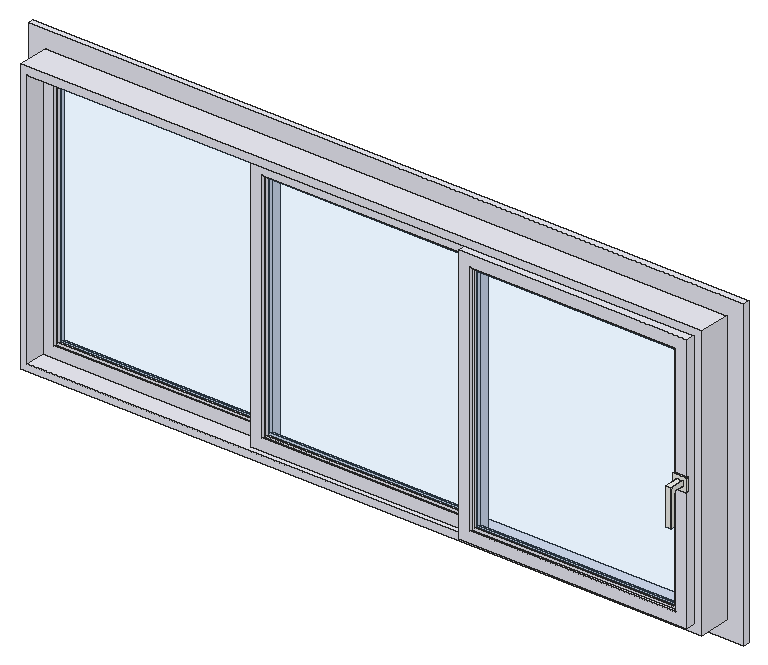
Revit family
Parameters (values of type "Janela de 3fls 300x120")
  Vidro Janela = Vidro
  Montante Batente = 3 cm
  M Moldura Janela = yes
  M Alisar Janela1 = Alisar Janela
  Largura util = Width - Montante Batente * 2  # 294 cm
  Largura folha = Largura util / 3 + 2.5 cm  # 100.5 cm
  Guia puxador = Largura folha - 2.5 cm  # 98 cm
  Guia Janela = Largura folha - 4 cm - Abertura Janela / 3  # 96.5 cm
  GUia eixo janela = 4 cm
  Estrutura Janela = Janelas de correr
  Height = 120 cm
  Altura-padrão do peitoril = 90 cm
  ProjeçãoApara = 2.5 cm
  Wall Closure = (empty or 0)
  Width = 300 cm
  Abertura Janela = 0 cm
Types (5, lengths in cm): name | Largura util | Largura folha | Guia puxador | Guia Janela | Width | Abertura Janela
  (no name) | 294 | 100.5 | 98 | 96.5 | 300 | 0
  Janela de 3fls 200x120 | 194 | 67.1667 | 64.6667 | 63.1667 | 200 | 0
  Janela de 3fls 200x120 aberta | 194 | 67.1667 | 64.6667 | 3.1667 | 200 | 180
  Janela de 3fls 300x120 aberta | 294 | 100.5 | 98 | 3.1667 | 300 | 280
  Janela de 3fls 300x120 | 294 | 100.5 | 98 | 96.5 | 300 | 0
Reference planes (cm)
  plane 1 "Centro (Frente/Trás)": y = 0
  plane 2 "Centro (Esquerda/Direita)": x = 0
  plane 3 "Esquerda": x = -150
  plane 4 "Direita": x = 150
  plane 5 "Peitoril": z = 90
  plane 6 "Extremidade superior": z = 210
  plane 7 "Exterior": y = 7
  plane 8 "Interior": y = -7
  plane 9: z = 93
  plane 10: z = 207
Forms (cm)
  Extrusion 1, solid, material "Alisar Janela" <- "M Alisar Janela1", visible <- "M Moldura Janela"
    sketch origin (350, 7, 0) x (-1, 0, 0) y (0, 0, 1)
      loop
        line (200, 210) -> (200, 90) -> (500, 90) -> (500, 210) -> (200, 210)
      loop
        line (192.5, 217.5) -> (192.5, 82.5) -> (507.5, 82.5) -> (507.5, 217.5) -> (192.5, 217.5)
    from 0 to 2.5
  Extrusion 2, solid, material "Janelas de correr" <- "Estrutura Janela"
    sketch origin (0, -7, 0) x (1, 0, 0) y (0, 0, 1)
      loop
        line (-150, 210) -> (-150, 90) -> (150, 90) -> (150, 210) -> (-150, 210)
      loop
        line (-147, 207) -> (-147, 93) -> (147, 93) -> (147, 207) -> (-147, 207)
    from -14 to 0
  Sweep 3, solid, material "Janelas de correr" <- "Estrutura Janela"
    path origin (-170.82, 4, 0) x (1, 0, 0) y (0, 0, 1)
      loop
        line (23.82, 207) -> (23.82, 93) -> (124.32, 93) -> (124.32, 207) -> (23.82, 207)
    profile "Perfil folha : Perfil 4x5 com baguete" origin (-96.75, 4, 207) x (0, 0, 1) y (0, -1, 0)
      loop
        line (0, 2.5) -> (-5, 2.5) -> (-5, 1.5) -> (-6, 1.5) -> (-6, 0.5) -> (-5, 0.5) -> (-5, -0.5) -> (-6, -0.5) -> (-6, -1.5) -> (-5, -1.5) -> (-5, -2.5) -> (0, -2.5) -> (0, 2.5)
  Extrusion 4, solid, material "Vidro" <- "Vidro Janela"
    sketch origin (0, 7, 0) x (1, 0, 0) y (0, 0, 1)
      loop
        line (-51.5, 202) -> (-142, 202) -> (-142, 98) -> (-51.5, 98) -> (-51.5, 202)
    from 2.5 to 3.5
  Sweep 5, solid, material "Janelas de correr" <- "Estrutura Janela"
    path origin (-118.82, -2, 0) x (1, 0, 0) y (0, 0, 1)
      loop
        line (68.32, 207) -> (68.32, 93) -> (168.82, 93) -> (168.82, 207) -> (68.32, 207)
    profile "Perfil folha : Perfil 4x5 com baguete" origin (-0.25, -2, 207) x (0, 0, 1) y (0, -1, 0)
      loop
        line (0, 2.5) -> (-5, 2.5) -> (-5, 1.5) -> (-6, 1.5) -> (-6, 0.5) -> (-5, 0.5) -> (-5, -0.5) -> (-6, -0.5) -> (-6, -1.5) -> (-5, -1.5) -> (-5, -2.5) -> (0, -2.5) -> (0, 2.5)
  Extrusion 6, solid, material "Vidro" <- "Vidro Janela"
    sketch origin (0, -10, 0) x (1, 0, 0) y (0, 0, 1)
      loop
        line (45, 202) -> (-45.5, 202) -> (-45.5, 98) -> (45, 98) -> (45, 202)
    from -8.5 to -7.5
  Sweep 7, solid, material "Janelas de correr" <- "Estrutura Janela"
    path origin (277.18, -8, 0) x (-1, 0, 0) y (0, 0, 1)
      loop
        line (231.18, 207) -> (130.68, 207) -> (130.68, 93) -> (231.18, 93) -> (231.18, 207)
    profile "Perfil folha : Perfil 4x5 com baguete" origin (96.25, -8, 207) x (0, 0, -1) y (0, 1, 0)
      loop
        line (0, 2.5) -> (0, -2.5) -> (5, -2.5) -> (5, -1.5) -> (6, -1.5) -> (6, -0.5) -> (5, -0.5) -> (5, 0.5) -> (6, 0.5) -> (6, 1.5) -> (5, 1.5) -> (5, 2.5) -> (0, 2.5)
  Extrusion 8, solid, material "Vidro" <- "Vidro Janela"
    sketch origin (38.4941, -0.6719, 0) x (1, 0, 0) y (0, 0, -1)
      loop
        line (103.0059, -202) -> (103.0059, -98) -> (12.5059, -98) -> (12.5059, -202) -> (103.0059, -202)
    from -7.8281 to -6.8281
Lines and regions (cm)
  Opening 1
    outline origin (350, -7, 0) x (1, 0, 0) y (0, 0, 1)
      loop
        line (-200, 90) -> (-200, 210) -> (-500, 210) -> (-500, 90) -> (-200, 90)
  reference lines
    curve 1: line (-147, -7, 221.2043) -> (-147, -7, 77.2043)
    curve 2: line (147, -7, 221.2043) -> (147, -7, 77.2043)
    curve 3: line (-170.82, 4, 0) -> (277.18, 4, 0)
    curve 4: line (-170.82, -2, 0) -> (277.18, -2, 0)
    curve 5: line (277.18, -8, 0) -> (-170.82, -8, 0)
    curve 6: line (-147, 18.34, 0) -> (-147, -35.66, 0)
    curve 7: line (-50.5, -7, 215.8342) -> (-50.5, -7, 77.2043)
    curve 8: line (46, -7, 215.8342) -> (46, -7, 77.2043)
    curve 9: line (144, -7, 225.8099) -> (144, -7, 71.8099)
    curve 10: line (-41.8256, -7, 150) -> (176.1744, -7, 150)
  symbolic lines
    curve 11: line (146.5, -10.5, 0) -> (146.5, -5.5, 0)
    curve 12: line (141.5, -9.5, 0) -> (141.5, -10.5, 0)
    curve 13: line (141.5, -8.5, 0) -> (141.5, -7.5, 0)
    curve 14: line (141.5, -5.5, 0) -> (141.5, -6.5, 0)
    curve 15: line (140.5, -6.5, 0) -> (140.5, -7.5, 0)
    curve 16: line (140.5, -8.5, 0) -> (140.5, -9.5, 0)
    curve 17: line (51, -9.5, 0) -> (141.5, -9.5, 0)
    curve 18: line (51, -8.5, 0) -> (141.5, -8.5, 0)
    curve 19: line (141.5, -7.5, 0) -> (51, -7.5, 0)
    curve 20: line (141.5, -6.5, 0) -> (51, -6.5, 0)
    curve 21: line (146.5, -5.5, 0) -> (46, -5.5, 0)
    curve 22: line (46, -5.5, 0) -> (46, -10.5, 0)
    curve 23: line (51, -6.5, 0) -> (51, -5.5, 0)
    curve 24: line (51, -7.5, 0) -> (51, -8.5, 0)
    curve 25: line (51, -10.5, 0) -> (51, -9.5, 0)
    curve 26: line (52, -7.5, 0) -> (52, -6.5, 0)
    curve 27: line (52, -9.5, 0) -> (52, -8.5, 0)
    curve 28: line (-50.5, 0.5, 0) -> (-50.5, -4.5, 0)
    curve 29: line (-45.5, -0.5, 0) -> (-45.5, 0.5, 0)
    curve 30: line (-44.5, -1.5, 0) -> (-44.5, -0.5, 0)
    curve 31: line (-45.5, -1.5, 0) -> (-45.5, -2.5, 0)
    curve 32: line (-44.5, -3.5, 0) -> (-44.5, -2.5, 0)
    curve 33: line (-45.5, -4.5, 0) -> (-45.5, -3.5, 0)
    curve 34: line (-50.5, -4.5, 0) -> (50, -4.5, 0)
    curve 35: line (-45.5, -3.5, 0) -> (45, -3.5, 0)
    curve 36: line (-45.5, -2.5, 0) -> (45, -2.5, 0)
    curve 37: line (45, -1.5, 0) -> (-45.5, -1.5, 0)
    curve 38: line (45, -0.5, 0) -> (-45.5, -0.5, 0)
    curve 39: line (50, 0.5, 0) -> (-50.5, 0.5, 0)
    curve 40: line (45, 0.5, 0) -> (45, -0.5, 0)
    curve 41: line (44, -0.5, 0) -> (44, -1.5, 0)
    curve 42: line (45, -2.5, 0) -> (45, -1.5, 0)
    curve 43: line (44, -2.5, 0) -> (44, -3.5, 0)
    curve 44: line (45, -3.5, 0) -> (45, -4.5, 0)
    curve 45: line (50, -4.5, 0) -> (50, 0.5, 0)
    curve 46: line (-46.5, 1.5, 0) -> (-46.5, 6.5, 0)
    curve 47: line (-51.5, 6.5, 0) -> (-51.5, 5.5, 0)
    curve 48: line (-52.5, 5.5, 0) -> (-52.5, 4.5, 0)
    curve 49: line (-51.5, 2.5, 0) -> (-51.5, 1.5, 0)
    curve 50: line (-52.5, 3.5, 0) -> (-52.5, 2.5, 0)
    curve 51: line (-51.5, 3.5, 0) -> (-51.5, 4.5, 0)
    curve 52: line (-51.5, 5.5, 0) -> (-142, 5.5, 0)
    curve 53: line (-51.5, 4.5, 0) -> (-142, 4.5, 0)
    curve 54: line (-142, 3.5, 0) -> (-51.5, 3.5, 0)
    curve 55: line (-142, 2.5, 0) -> (-51.5, 2.5, 0)
    curve 56: line (-142, 5.5, 0) -> (-142, 6.5, 0)
    curve 57: line (-141, 4.5, 0) -> (-141, 5.5, 0)
    curve 58: line (-141, 2.5, 0) -> (-141, 3.5, 0)
    curve 59: line (-142, 4.5, 0) -> (-142, 3.5, 0)
    curve 60: line (-142, 1.5, 0) -> (-142, 2.5, 0)
    curve 61: line (46, -10.5, 0) -> (146.5, -10.5, 0)
    curve 62: line (-147, 1.5, 0) -> (-46.5, 1.5, 0)
    curve 63: line (-46.5, 6.5, 0) -> (-147, 6.5, 0)
    curve 64: line (-147, -7, 0) -> (-147, 7, 0)
    curve 65: line (150, -7, 0) -> (150, 7, 0)
    curve 66: line (147, 7, 0) -> (147, -7, 0)
    curve 67: line (-150, 7, 0) -> (-150, -7, 0)
Text (cm)
  text "EXTERIOR" at (-198.1535, 86.3181, 0), in view "Nível de referência"
  text "INTERIOR" at (-201.7992, -70.7606, 0), in view "Nível de referência"
  text "Exterior" at (0, 92.3751, 294.3296), in view "Direita"
  text "Exterior" at (0, 101.9841, 278.8626), in view "Esquerda"
Dimensions and locks (cm)
  equal spacing: plane 3 "Esquerda", plane 2 "Centro (Esquerda/Direita)", plane 4 "Direita"
  "Width": plane 3 "Esquerda" to plane 4 "Direita"
  "Height": plane 5 "Peitoril" to plane 6 "Extremidade superior"
  "Altura-padrão do peitoril": plane 5 "Peitoril" to level
  "ProjeçãoApara": Extrusion 1 to host wall
  locked: plane 7 "Exterior" to host wall
  locked: plane 8 "Interior" to host wall
  "Montante Batente": plane 9 to plane 5 "Peitoril"
  "Montante Batente": plane 6 "Extremidade superior" to plane 10
  "Montante Batente": plane 3 "Esquerda" to curve 1
  "Montante Batente": curve 2 to plane 4 "Direita"
  "Largura folha": Sweep 3 sketch curve to Extrusion 2
  locked: curve 4 to curve 3 at 6
  "Montante Batente": plane 3 "Esquerda" to curve 6
  "Guia Janela": curve 1 to curve 7
  "Largura folha": Sweep 5 sketch curve to Sweep 5 sketch curve
  "Guia Janela": curve 7 to curve 8
  "Largura folha": Sweep 7 sketch curve to Sweep 7 sketch curve
  locked: curve 4 to curve 5 at 6
  "GUia eixo janela": host wall to curve 3
  "Guia puxador": curve 8 to curve 9
  equal spacing: plane 6 "Extremidade superior", curve 10, plane 5 "Peitoril", locked at 60 each
  aligned and locked: plane 6 "Extremidade superior" to Extrusion 2 sketch curve
  aligned and locked: Extrusion 2 sketch curve to plane 5 "Peitoril"
  aligned and locked: plane 4 "Direita" to Extrusion 2 sketch curve
  aligned and locked: Extrusion 2 sketch curve to plane 3 "Esquerda"
  aligned and locked: Extrusion 2 sketch curve to plane 10
  aligned and locked: curve 2 to Extrusion 2 sketch curve
  aligned and locked: Extrusion 2 sketch curve to curve 1
  aligned and locked: Extrusion 2 sketch curve to plane 9
  aligned and locked: Extrusion 2 to host wall
  aligned and locked: host wall to Extrusion 2
  aligned and locked: Sweep 3 sketch curve to plane 10
  aligned and locked: Sweep 3 sketch curve to curve 1
  aligned and locked: plane 9 to Sweep 3 sketch curve
  aligned and locked: Sweep 3 to Extrusion 4 sketch curve  (x3)
  aligned and locked: Extrusion 4 sketch curve to Sweep 3
  aligned and locked: Extrusion 4 to Sweep 3  (x2)
  aligned and locked: Sweep 5 to Extrusion 6 sketch curve  (x2)
  aligned and locked: Extrusion 6 sketch curve to Sweep 5  (x2)
  aligned and locked: Extrusion 6 to Sweep 5  (x2)
  aligned and locked: Sweep 5 sketch curve to curve 7
  aligned and locked: Sweep 7 to Extrusion 8 sketch curve  (x2)
  aligned and locked: Extrusion 8 sketch curve to Sweep 7  (x2)
  aligned and locked: Sweep 7 to Extrusion 8  (x2)
  aligned and locked: Sweep 7 sketch curve to curve 8
  aligned and locked: Sweep 5 sketch curve to plane 9
  aligned and locked: plane 10 to Sweep 5 sketch curve
  aligned and locked: plane 10 to Sweep 7 sketch curve
  aligned and locked: Sweep 7 sketch curve to plane 9
  aligned and locked: nested 1 to curve 9
  aligned and locked: nested 1 to curve 10
  aligned and locked: Sweep 7 to nested 1
  aligned and locked: curve 11 to Sweep 7
  aligned and locked: curve 12 to Sweep 7
  aligned and locked: curve 13 to Extrusion 8
  aligned and locked: curve 14 to Sweep 7
  aligned and locked: curve 15 to Sweep 7
  aligned and locked: curve 16 to Sweep 7
  aligned and locked: curve 17 to Sweep 7
  aligned and locked: curve 18 to Extrusion 8
  aligned and locked: curve 19 to Extrusion 8
  aligned and locked: curve 20 to Sweep 7
  aligned and locked: curve 21 to Sweep 7
  aligned and locked: curve 22 to Sweep 7
  aligned and locked: curve 23 to Sweep 7
  aligned and locked: curve 24 to Extrusion 8
  aligned and locked: curve 25 to Sweep 7
  aligned and locked: curve 26 to Sweep 7
  aligned and locked: curve 27 to Sweep 7
  aligned and locked: curve 28 to Sweep 5
  aligned and locked: curve 29 to Sweep 5
  aligned and locked: curve 30 to Sweep 5
  aligned and locked: curve 31 to Extrusion 6
  aligned and locked: curve 32 to Sweep 5
  aligned and locked: curve 33 to Sweep 5
  aligned and locked: curve 34 to Sweep 5
  aligned and locked: curve 35 to Sweep 5
  aligned and locked: curve 36 to Extrusion 6
  aligned and locked: curve 37 to Extrusion 6
  aligned and locked: curve 38 to Sweep 5
  aligned and locked: curve 39 to Sweep 5
  aligned and locked: curve 40 to Sweep 5
  aligned and locked: curve 41 to Sweep 5
  aligned and locked: curve 42 to Extrusion 6
  aligned and locked: curve 43 to Sweep 5
  aligned and locked: curve 44 to Sweep 5
  aligned and locked: curve 45 to Sweep 5
  aligned and locked: curve 46 to Sweep 3
  aligned and locked: curve 47 to Sweep 3
  aligned and locked: curve 48 to Sweep 3
  aligned and locked: curve 49 to Sweep 3
  aligned and locked: curve 50 to Sweep 3
  aligned and locked: curve 51 to Extrusion 4
  aligned and locked: curve 52 to Sweep 3
  aligned and locked: curve 53 to Extrusion 4
  aligned and locked: curve 54 to Extrusion 4
  aligned and locked: curve 55 to Sweep 3
  aligned and locked: curve 56 to Sweep 3
  aligned and locked: curve 57 to Sweep 3
  aligned and locked: curve 58 to Sweep 3
  aligned and locked: curve 59 to Extrusion 4
  aligned and locked: curve 60 to Sweep 3
  aligned and locked: curve 61 to Sweep 7
  aligned and locked: curve 62 to Sweep 3
  aligned and locked: curve 63 to Sweep 3
  aligned and locked: curve 64 to Extrusion 2
  aligned and locked: curve 65 to Extrusion 2
  aligned and locked: curve 66 to Extrusion 2
  aligned and locked: curve 67 to Extrusion 2
Automatic sketch dimensions
  plane 3 "Esquerda" to Opening 1 sketch curve = 0 cm
  plane 4 "Direita" to Opening 1 sketch curve = 0 cm
  Opening 1 sketch curve to plane 5 "Peitoril" = 0 cm
  Opening 1 sketch curve to plane 6 "Extremidade superior" = 0 cm
  plane 4 "Direita" to Extrusion 1 sketch curve = 0 cm
  plane 3 "Esquerda" to Extrusion 1 sketch curve = 0 cm
  Extrusion 1 sketch curve to plane 5 "Peitoril" = 0 cm
  Extrusion 1 sketch curve to plane 6 "Extremidade superior" = 0 cm
  Extrusion 1 sketch curve to plane 4 "Direita" = 7.5 cm
  plane 3 "Esquerda" to Extrusion 1 sketch curve = 7.5 cm
  plane 5 "Peitoril" to Extrusion 1 sketch curve = 7.5 cm
  Extrusion 1 sketch curve to plane 6 "Extremidade superior" = 7.5 cm
  plane 3 "Esquerda" to curve 3 = 20.82 cm
  curve 4 to curve 3 = 0 cm
  curve 5 to curve 4 = 0 cm
  curve 5 to plane 4 "Direita" = 127.18 cm
  curve 4 to curve 5 = 0 cm
  curve 3 to curve 4 = 0 cm
  host wall to curve 6 = 28.66 cm
  host wall to curve 6 = 11.34 cm
  curve 10 to plane 2 "Centro (Esquerda/Direita)" = 41.8256 cm
  curve 10 to plane 4 "Direita" = 26.1744 cm
  plane 5 "Peitoril" to curve 9 = 18.1901 cm
  plane 5 "Peitoril" to curve 2 = 12.7957 cm
  plane 5 "Peitoril" to curve 7 = 12.7957 cm
  plane 5 "Peitoril" to curve 8 = 12.7957 cm
  plane 5 "Peitoril" to curve 1 = 12.7957 cm
  curve 7 to plane 6 "Extremidade superior" = 5.8342 cm
  curve 8 to plane 6 "Extremidade superior" = 5.8342 cm
  curve 2 to plane 6 "Extremidade superior" = 11.2043 cm
  curve 1 to plane 6 "Extremidade superior" = 11.2043 cm
  curve 9 to plane 6 "Extremidade superior" = 15.8099 cm
  curve 13 to curve 12 = 0 cm
  curve 12 to curve 13 = 1 cm
  curve 20 to curve 19 = 0 cm
  host wall to curve 26 = 0.5 cm
  curve 30 to curve 29 = 1 cm
  curve 31 to curve 32 = 1 cm
  curve 32 to curve 31 = 1 cm
  curve 38 to curve 37 = 0 cm
  curve 48 to curve 47 = 1 cm
  curve 48 to curve 49 = 1 cm
  curve 50 to curve 48 = 1 cm
  curve 48 to curve 51 = 1 cm
  curve 53 to curve 52 = 0 cm
  host wall to curve 64 = 0 cm
  curve 64 to host wall = 0 cm
  host wall to curve 65 = 0 cm
  curve 65 to host wall = 0 cm
  host wall to curve 66 = 0 cm
  curve 66 to host wall = 0 cm
  host wall to curve 67 = 0 cm
  curve 67 to host wall = 0 cm
Nested families (cm)
  nested 1: "Puxador - Macaneta" at (144, -10.5, 150), type "c fechadura"
Definition of nested family "Puxador - Macaneta"
  Parameters (values of type "c fechadura")
    c fechadura = yes
    URL = "www.cesarita.com"
    Type Comments = "100% Paramétrico"
    Puxador = Porta - Puxador
    Manufacturer = "CESARITA"
    Assembly Code = ""
  Reference planes (cm)
    plane 1 "Centro (Frente/Tardoz)": y = 0
    plane 2 "Centro (Elevação)": z = 0
    plane 3 "Centro (Esquerda/Direita)": x = 0
    plane 4: y = -0.8
    plane 5: y = -6
    plane 6: z = -9
  Forms (cm)
    Extrusion 1, solid, material "Porta - Puxador" <- "Puxador"
      sketch origin (0, 0, 0) x (1, 0, 0) y (0, 0, 1)
        loop
          line (2.7471, 3) -> (-2.7471, 3)
          arc (-2.7471, 3) -> (-2.9239, 2.9268) -> (-2.9971, 2.75) r 0.25
          line (-2.9971, 2.75) -> (-2.9971, -2.75)
          arc (-2.9971, -2.75) -> (-2.9239, -2.9268) -> (-2.7471, -3) r 0.25
          line (-2.7471, -3) -> (2.7471, -3)
          arc (2.7471, -3) -> (2.9239, -2.9268) -> (2.9971, -2.75) r 0.25
          line (2.9971, -2.75) -> (2.9971, 2.75)
          arc (2.9971, 2.75) -> (2.9239, 2.9268) -> (2.7471, 3) r 0.25
      from 0 to 0.8
    Sweep 2, solid, material "Porta - Puxador" <- "Puxador"
      path origin (0, 0, 0) x (0, 0, -1) y (0, 1, 0)
        loop
          line (0, -0.8) -> (0, -6) -> (15, -6)
      profile origin (0, -3.4, 0) x (0, 0, -1) y (1, 0, 0)
        loop
          arc (-1, 1.25) -> (-1.1768, 1.1768) -> (-1.25, 1) r 0.25
          line (-1.25, 1) -> (-1.25, -1)
          arc (-1.25, -1) -> (-1.1768, -1.1768) -> (-1, -1.25) r 0.25
          line (-1, -1.25) -> (1, -1.25)
          arc (1, -1.25) -> (1.1768, -1.1768) -> (1.25, -1) r 0.25
          line (1.25, -1) -> (1.25, 1)
          arc (1.25, 1) -> (1.1768, 1.1768) -> (1, 1.25) r 0.25
          line (1, 1.25) -> (-1, 1.25)
  Dimensions and locks (cm)
    aligned and locked: Extrusion 1 to plane 4
